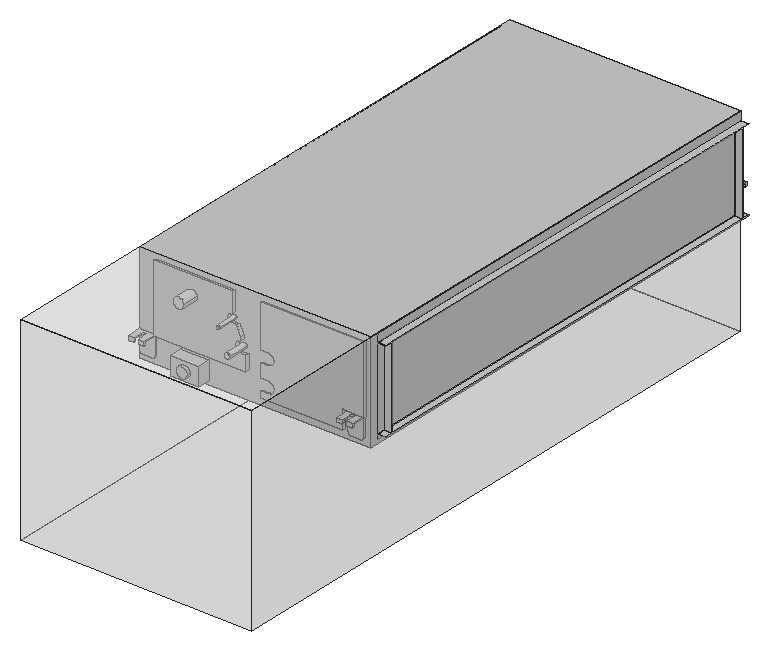
Revit family "outputfile", category 機械設備, Revit 2024
Family settings
  丸型コネクタ寸法 = 半径を使用
  パーツ タイプ = 標準
  OmniClass 番号 = 23.75.10.24.21.27.27
  OmniClass タイトル = Split System Air Conditioning Units
  作業面ベース = いいえ
  常に垂直 = はい
  ロード時にボイドで切り取り = いいえ
  注釈の向きを維持 = いいえ
  共有 = いいえ
  部屋計算ポイント = はい
Parameters (values of type "FXMQ125PBV1")
  製造元 = "Daikin"
  書き出し IFC クラス(タイプ) = "IfcUnitaryEquipmentType"
  定義済み IFC タイプ(タイプ) = "AIRCONDITIONINGUNIT"
  モデル = "FXMQ125PBV1"
  r_Liquid Pipe Size = Liquid Pipe Size / 2  # 4.75 mm
  r_Gas Pipe Size = Gas Pipe Size / 2  # 7.95 mm
  r_Drain Pipe Size = Drain Pipe Size / 2  # 16.0 mm
  lw_power = 396.0 mm  # constant formula
  lh_SA = 165.0 mm  # constant formula
  lw_SA = if(Depth = 550.0 mm, 210.0 mm, if(Depth = 700.0 mm, 285.0 mm, if(Depth = 1000.0 mm, 435.0 mm, 635.0 mm)))  # 635.0 mm
  lw_RA = if(Depth = 550.0 mm, 288.0 mm, if(Depth = 700.0 mm, 363.0 mm, if(Depth = 1000.0 mm, 513.0 mm, 713.0 mm)))  # 713.0 mm
  lh_power = 60.0 mm + [h***]  # 60.0 mm
  lh_mountinghole1 = lh_mountinghole + [h***]  # 80.0 mm
  lh_RA = 150.0 mm  # constant formula
  ld_power = Depth / 2  # 700.0 mm
  Voltage_comment_60Hz = "220-240"
  Voltage_comment_50Hz = "220-240"
  Voltage_60Hz = 220 V
  Voltage_50Hz = 220 V
  Supply Air Direction [instance] = yes
  Phase_60Hz = 1
  Phase_50Hz = 1
  Minimum External Static Pressure = 50.00 Pa
  Minimum Circuit Amps_60Hz = 3.4 A
  Minimum Circuit Amps_50Hz = 3.4 A
  Maximum Fuse Amps_60Hz = 16.0 A
  Maximum Fuse Amps_50Hz = 16.0 A
  Maximum External Static Pressure = 200.00 Pa
  Material_Casing = DAIKIN_GalvanizedSteel_Casing_indoorunit
  lw_mountinghole = 631.0 mm  # constant formula
  lh_gaspipe = 144.0 mm + [h***]  # 144.0 mm
  lh_mountinghole = 80.0 mm  # constant formula
  lh_liquidpipe = 212.0 mm + [h***]  # 212.0 mm
  lh_drainpipe = 232.0 mm + [h***]  # 232.0 mm
  lh_antena = Height - lh_mountinghole + 1.0 mm  # 221.0 mm
  ld_drainpipe = Depth / 2 + 59.0 mm  # 759.0 mm
  ld_liquidpipe = 765.0 mm
  ld_gaspipe = 765.0 mm
  ld_mountinghole = Depth + 38.0 mm  # 1438.0 mm
  h*** = 0.0 mm  # constant formula
  lw_liquidpipe = 290.0 mm  # constant formula
  lw_gaspipe = 318.0 mm  # constant formula
  lw_drainpipe = 167.0 mm  # constant formula
  Width = 700.0 mm
  Version = "ver.1.0"
  Unit Type = "Duct_M.S.P."
  Unit Mass Weight = 45.00 kg
  Unit Designation [instance] = ""
  Uniclass2015Version = "Products v1.30"
  Uniclass2015Title = "Variable refrigerant flow units"
  Uniclass2015Code = "Pr_70_65_03_94"
  Total Heating Capacity [instance] = 0.000 kW
  Total Cooling Capacity [instance] = 0.000 kW
  Sound Pressure Level_L speed (dBA) = 40
  Sound Pressure Level_H speed (dBA) = 42
  Series = "VRV Fan Coil Unit"
  Sensible Cooling Capacity [instance] = 0.000 kW
  SA Duct Size Width = if(Depth = 550.0 mm, 310.0 mm, if(Depth = 700.0 mm, 460.0 mm, if(Depth = 1000.0 mm, 760.0 mm, 1160.0 mm)))  # 1160.0 mm
  SA Duct Size Height = 215.0 mm
  Refrigerant Type = "R410A"
  RA Duct Size Width = if(Depth = 550.0 mm, 475.0 mm, if(Depth = 700.0 mm, 625.0 mm, if(Depth = 1000.0 mm, 925.0 mm, 1325.0 mm)))  # 1325.0 mm
  RA Duct Size Height = 247.0 mm
  Power Input (Heating) = 0.272 kW
  Power Input (Cooling) = 0.284 kW
  Option Accessory 3 [instance] = ""
  Option Accessory 2 [instance] = ""
  Option Accessory 1 [instance] = ""
  Nominal Heating Capacity = 16.000 kW
  Nominal Cooling Capacity = 14.000 kW
  Minimum Airflow = 1680.00 m³/h
  Median Airflow = 0.00 m³/h
  Maximum Airflow = 1980.00 m³/h
  Load Classification = HVAC
  Liquid Pipe Size = 9.5 mm
  Link_Nested Family [instance] = ""
  IfcVersion = ""
  IfcExportType = "AIRCONDITIONINGUNIT"
  IfcExportAs = "IfcUnitaryEquipmentType"
  Height = 300.0 mm
  Heating Entering Wet Bulb Temperature [instance] = 0.00 °C
  Heating Entering Dry Bulb Temperature [instance] = 0.00 °C
  Heating Ambient Wet Bulb Temperature [instance] = 0.00 °C
  Heating Ambient Dry Bulb Temperature [instance] = 0.00 °C
  Heat Exchanger Type = "Cross Fin Coil"
  Gas Pipe Size = 15.9 mm
  Frequency_60Hz = 60 Hz
  Frequency_50Hz = 50 Hz
  Fan Type = "Sirocco Fan"
  Fan Drive = "Direct Drive"
  FCU Tag No. [instance] = ""
  Drain Pipe Size = 32.0 mm
  Design Supply Airflow [instance] = 0.00 m³/h
  Design Return Airflow [instance] = 0.00 m³/h
  Design External Static Pressure [instance] = 0.00 Pa
  Depth = 1400.0 mm
  既定の高さ = 0.0 mm
  Cooling Entering Wet Bulb Temperature [instance] = 0.00 °C
  Cooling Entering Dry Bulb Temperature [instance] = 0.00 °C
  Cooling Ambient Wet Bulb Temperature [instance] = 0.00 °C
  Cooling Ambient Dry Bulb Temperature [instance] = 0.00 °C
  Clearance visibility [instance] = yes
  Clearance Top = 0.0 mm
  Clearance Right = 0.0 mm
  Clearance Rear = 0.0 mm
  Clearance Left = 0.0 mm
  Clearance Front = 450.0 mm
  Clearance Bottom = 300.0 mm
Reference planes
  plane 1 "Center (Front/Back)": y = 0
  plane 2 "h": z = 0
  plane 3 "Center (Left/Right)": x = 0
  plane 4 "Back": y = 700
  plane 5 "Front": y = -700
  plane 6 "Left": x = -350
  plane 7 "Reight": x = 350
  plane 8 "Top": z = 0
  plane 9 "Bottom": z = -300
  plane 10: y = -215
  plane 11: y = 700
  plane 12: y = -1150
  plane 13: x = -350
  plane 14: x = 350
  plane 15: z = 0
  plane 16: z = -600
  plane 17: x = -350
  plane 18: z = -135
  plane 19: x = -349
  plane 20: x = 349
  plane 21: y = 65
  plane 22: y = 13
  plane 23: z = -150
  plane 24: y = -710.8
  plane 25: z = -14
  plane 26: z = -219
  plane 27: x = -60
  plane 28: x = -20
  plane 29: z = -156
  plane 30: x = -32
  plane 31: z = -88
  plane 32: x = 23
  plane 33: x = 335
  plane 34: z = -15.8
  plane 35: z = -274.8
  plane 36: z = -219.8
  plane 37: x = 271
  plane 38: x = -223.3
  plane 39: x = -138.3
  plane 40: z = -232.7
  plane 41: z = -288.5
  plane 42: y = -741
  plane 43: x = -181
  plane 44: z = -260
  plane 45: y = -749
  plane 46: z = -163.8
  plane 47: z = -239.8
  plane 48: x = 46
  plane 49: z = -88
  plane 50: x = -60
  plane 51: y = -765
  plane 52: z = -156
  plane 53: x = -32
  plane 54: y = -759
  plane 55: z = -68
  plane 56: x = -183
  plane 57: x = -183
  plane 58: x = -60
  plane 59: x = -32
  plane 60: x = 46
  plane 61: x = -323
  plane 62: x = 308
  plane 63: y = -719
  plane 64: y = 719
  plane 65: z = -220
  plane 66: y = -706
  plane 67: x = -298.5
  plane 68: x = -374
  plane 69: x = 374
Forms (mm)
  Extrusion 1, solid, material "DAIKIN_GalvanizedSteel_Casing_indoorunit" <- "Material_Casing"
    sketch origin (0, 0, 0) x (1, 0, 0) y (0, 1, 0)
      loop
        line (-349, 700) -> (-349, -700) -> (349, -700) -> (349, 700) -> (-349, 700)
    from -300 to 0
  Extrusion 2, solid, material "DAIKIN_GalvanizedSteel_Casing_indoorunit" <- "Material_Casing"
    sketch origin (0, 0, 0) x (1, 0, 0) y (0, 0, 1)
      loop
        line (-298.5, -219) -> (-20, -219) -> (-20, -173.5) -> (-32, -173.5)
        arc (-32, -173.5) -> (-49.471, -157.002) -> (-34, -138.615) r 17.5
        line (-34, -138.615) -> (-34, -127.5) -> (-47, -101) -> (-60, -101)
        arc (-60, -101) -> (-73, -88) -> (-60, -75) r 13
        line (-60, -75) -> (-60, -14) -> (-298.5, -14) -> (-298.5, -219)
    from 700 to 710.8
  Extrusion 3, solid, material "DAIKIN_GalvanizedSteel_Casing_indoorunit" <- "Material_Casing"
    sketch origin (0, 0, 0) x (1, 0, 0) y (0, 0, 1)
      loop
        line (23, -274.8) -> (271, -274.8) -> (271, -219.8) -> (335, -219.8) -> (335, -15.8) -> (23, -15.8) -> (23, -146.3) -> (46, -146.3)
        arc (46, -146.3) -> (63.5, -163.8) -> (46, -181.3) r 17.5
        line (46, -181.3) -> (23, -181.3) -> (23, -222.3) -> (46, -222.3)
        arc (46, -222.3) -> (63.5, -239.8) -> (46, -257.3) r 17.5
        line (46, -257.3) -> (23, -257.3) -> (23, -274.8)
    from 700 to 706
  Extrusion 4, solid, material "DAIKIN_GalvanizedSteel_Casing_indoorunit" <- "Material_Casing"
    sketch origin (0, 0, 0) x (1, 0, 0) y (0, 0, 1)
      loop
        line (-223.3, -232.7) -> (-223.3, -288.5) -> (-138.3, -288.5) -> (-138.3, -232.7) -> (-223.3, -232.7)
    from 700 to 741
  Extrusion 5, solid, material "DAIKIN_GalvanizedSteel_Casing_indoorunit" <- "Material_Casing"
    sketch origin (0, 0, 0) x (1, 0, 0) y (0, 0, 1)
      loop
        circle (-181, -260) r 16.5
    from 741 to 749
  Extrusion 6, solid
    sketch origin (0, 0, 0) x (1, 0, 0) y (0, 0, 1)
      loop
        circle (-60, -88) r 4.75
    from 700 to 765
  Extrusion 7, solid
    sketch origin (0, 0, 0) x (1, 0, 0) y (0, 0, 1)
      loop
        circle (-32, -156) r 7.95
    from 700 to 765
  Extrusion 8, solid
    sketch origin (0, 0, 0) x (1, 0, 0) y (0, 0, 1)
      loop
        circle (-183, -68) r 16
    from 710.8 to 759
Dimensions and locks
  "Height": plane 8 "Top" to plane 9 "Bottom"
  equal spacing: plane 4 "Back", plane 1 "Center (Front/Back)", plane 5 "Front"
  "Depth": plane 4 "Back" to plane 5 "Front"
  equal spacing: plane 6 "Left", plane 3 "Center (Left/Right)", plane 7 "Reight"
  "Width": plane 6 "Left" to plane 7 "Reight"
  "Clearance Left": plane 13 to plane 6 "Left"
  "Clearance Right": plane 7 "Reight" to plane 14
  "Clearance Rear": plane 11 to plane 4 "Back"
  "Clearance Front": plane 5 "Front" to plane 12
  "Clearance Top": plane 15 to plane 8 "Top"
  "Clearance Bottom": plane 9 "Bottom" to plane 16
  "lh_SA": plane 18 to plane 9 "Bottom"
  locked: plane 17 to plane 19 at 1
  "lw_SA": plane 4 "Back" to plane 21
  "lw_RA": plane 22 to plane 5 "Front"
  "lh_RA": plane 23 to plane 9 "Bottom"
  locked: plane 5 "Front" to plane 24 at 10.8
  plane 30 to plane 27 to plane 6 "Left" = 28.0 mm locked, 290.0 mm locked
  plane 33 to plane 32 to plane 6 "Left" = 312.0 mm locked, 373.0 mm locked
  locked: plane 33 to plane 37 at 64
  locked: plane 36 to plane 35 at 55
  plane 39 to plane 38 to plane 6 "Left" = 85.0 mm locked, 126.7 mm locked
  locked: plane 5 "Front" to plane 42 at 41
  locked: plane 43 to plane 6 "Left" at 169
  locked: plane 42 to plane 45 at 8
  plane 46 to plane 47 to plane 35 = 76.0 mm locked, 35.0 mm locked
  locked: plane 48 to plane 32 at 23
  "lw_liquidpipe": plane 50 to plane 6 "Left"
  "lh_liquidpipe": plane 49 to plane 9 "Bottom"
  "lh_gaspipe": plane 52 to plane 9 "Bottom"
  "lw_gaspipe": plane 53 to plane 6 "Left"
  "ld_gaspipe": plane 51 to plane 1 "Center (Front/Back)"
  "ld_drainpipe": plane 54 to plane 1 "Center (Front/Back)"
  "lh_drainpipe": plane 55 to plane 9 "Bottom"
  "lw_drainpipe": plane 56 to plane 6 "Left"
  "lw_drainpipe": plane 6 "Left" to plane 57
  "lw_liquidpipe": plane 6 "Left" to plane 58
  "lw_gaspipe": plane 6 "Left" to plane 59
  "lw_power": plane 6 "Left" to plane 60
  plane 17 to plane 61 = 27.0 mm
  "lw_mountinghole": plane 61 to plane 62
  equal spacing: plane 63, plane 1 "Center (Front/Back)", plane 64
  "ld_mountinghole": plane 64 to plane 63
  "lh_mountinghole": plane 65 to plane 9 "Bottom"
  plane 8 "Top" to plane 40 to plane 41 = 232.7 mm locked, 55.8 mm locked
  locked: plane 8 "Top" to plane 44 at 260
  plane 8 "Top" to plane 25 to plane 26 = 14.0 mm locked, 205.0 mm locked
  plane 8 "Top" to plane 31 to plane 29 = 88.0 mm locked, 68.0 mm locked
  plane 8 "Top" to plane 34 to plane 35 = 15.8 mm locked, 259.0 mm locked
  locked: plane 5 "Front" to plane 66 at 6
  locked: plane 68 to plane 6 "Left" at 24
  locked: plane 7 "Reight" to plane 69 at 24
  locked: plane 67 to plane 13 at 51.5
  locked: plane 28 to plane 30 at 12
  locked: Extrusion 2 sketch curve to plane 27 at 26
  plane 5 "Front" to plane 51 = 65.0 mm
  plane 5 "Front" to plane 54 = 59.0 mm
  locked: plane 20 to plane 7 "Reight" at 1
  "r_Liquid Pipe Size": radius of Extrusion 6 sketch curve
  "r_Gas Pipe Size": radius of Extrusion 7 sketch curve
  "r_Drain Pipe Size": radius of Extrusion 8 sketch curve
  aligned and locked: level to plane 2 "h"
  aligned and locked: plane 8 "Top" to Extrusion 1
  aligned and locked: Extrusion 1 to plane 9 "Bottom"
  aligned and locked: nested 5 to plane 12
  aligned and locked: plane 13 to nested 5
  aligned and locked: plane 14 to nested 5
  aligned and locked: nested 5 to plane 13
  aligned and locked: plane 11 to nested 5
  aligned and locked: plane 15 to nested 5
  aligned and locked: plane 16 to nested 5
  aligned and locked: plane 5 "Front" to Extrusion 1 sketch curve
  aligned and locked: Extrusion 1 to plane 19
  aligned and locked: plane 20 to Extrusion 1
  aligned and locked: nested 7 to plane 19
  aligned and locked: nested 7 to plane 21
  aligned and locked: plane 18 to nested 7
  aligned and locked: plane 20 to nested 8
  aligned and locked: plane 22 to nested 8
  aligned and locked: plane 23 to nested 8
  aligned and locked: Extrusion 2 to plane 24
  aligned and locked: plane 5 "Front" to Extrusion 2
  aligned and locked: plane 35 to Extrusion 3 sketch curve
  aligned and locked: plane 37 to Extrusion 3 sketch curve
  aligned and locked: plane 36 to Extrusion 3 sketch curve
  aligned and locked: Extrusion 3 sketch curve to plane 33
  aligned and locked: Extrusion 3 sketch curve to plane 34
  aligned and locked: Extrusion 3 sketch curve to plane 32
  aligned and locked: plane 5 "Front" to Extrusion 3
  aligned and locked: Extrusion 4 sketch curve to plane 40
  aligned and locked: Extrusion 4 sketch curve to plane 38
  aligned and locked: plane 41 to Extrusion 4 sketch curve
  aligned and locked: plane 39 to Extrusion 4 sketch curve
  aligned and locked: Extrusion 4 to plane 42
  aligned and locked: plane 5 "Front" to Extrusion 4
  aligned and locked: Extrusion 5 sketch curve to plane 43
  aligned and locked: plane 44 to Extrusion 5 sketch curve
  aligned and locked: Extrusion 5 to plane 45
  aligned and locked: plane 42 to Extrusion 5
  aligned and locked: Extrusion 6 sketch curve to plane 50
  aligned and locked: plane 49 to Extrusion 6 sketch curve
  aligned and locked: Extrusion 6 to plane 51
  aligned and locked: plane 5 "Front" to Extrusion 6
  aligned and locked: Extrusion 7 sketch curve to plane 53
  aligned and locked: plane 52 to Extrusion 7 sketch curve
  aligned and locked: Extrusion 7 to Extrusion 6
  aligned and locked: plane 5 "Front" to Extrusion 7
  aligned and locked: Extrusion 8 sketch curve to plane 56
  aligned and locked: Extrusion 8 sketch curve to plane 55
  aligned and locked: Extrusion 8 to plane 54
  aligned and locked: plane 24 to Extrusion 8
  aligned and locked: nested 3 to plane 54
  aligned and locked: nested 3 to plane 57
  aligned and locked: nested 2 to plane 58
  aligned and locked: nested 2 to plane 51
  aligned and locked: nested 1 to plane 59
  aligned and locked: Extrusion 7 to plane 51
  aligned and locked: nested 1 to plane 51
  aligned and locked: nested 6 to plane 5 "Front"
  aligned and locked: nested 6 to plane 60
  aligned and locked: plane 61 to nested 10
  aligned and locked: nested 10 to plane 5 "Front"
  aligned and locked: plane 62 to nested 9
  aligned and locked: nested 9 to plane 5 "Front"
  aligned and locked: nested 11 to plane 61
  aligned and locked: plane 4 "Back" to nested 11
  aligned and locked: nested 12 to plane 62
  aligned and locked: plane 4 "Back" to nested 12
  aligned and locked: plane 65 to nested 10
  aligned and locked: plane 65 to nested 11
  aligned and locked: plane 65 to nested 9
  aligned and locked: plane 65 to nested 12
  aligned and locked: plane 61 to nested 14
  aligned and locked: nested 14 to plane 64
  aligned and locked: plane 62 to nested 13
  aligned and locked: nested 13 to plane 64
  aligned and locked: plane 62 to nested 16
  aligned and locked: plane 63 to nested 16
  aligned and locked: plane 63 to nested 15
  aligned and locked: plane 61 to nested 15
  aligned and locked: Extrusion 3 to plane 66
  aligned and locked: plane 67 to Extrusion 2 sketch curve
  aligned and locked: nested 17 to plane 21
  aligned and locked: nested 17 to plane 68
  aligned and locked: plane 18 to nested 17
  aligned and locked: plane 22 to nested 18
  aligned and locked: plane 69 to nested 18
  aligned and locked: nested 18 to plane 23
  aligned and locked: nested 4 to plane 3 "Center (Left/Right)"
  aligned and locked: plane 1 "Center (Front/Back)" to nested 4
  aligned and locked: level to plane 8 "Top"
  aligned and locked: Extrusion 2 sketch curve to plane 28
  aligned and locked: Extrusion 2 sketch curve to plane 26
Automatic sketch dimensions
  plane 6 "Left" to Extrusion 1 sketch curve = 1.0 mm
  Extrusion 1 sketch curve to plane 7 "Reight" = 1.0 mm
  Extrusion 1 sketch curve to plane 4 "Back" = 0.0 mm
  Extrusion 3 sketch curve to plane 32 = 0.0 mm  (x2)
  Extrusion 3 sketch curve to plane 46 = 0.0 mm
  Extrusion 3 sketch curve to plane 48 = 0.0 mm  (x2)
  Extrusion 3 sketch curve to plane 47 = 0.0 mm
  Extrusion 3 sketch curve to plane 36 = 2.5 mm
  plane 23 to Extrusion 3 sketch curve = 3.7 mm
  Extrusion 2 sketch curve to plane 25 = 0.0 mm
  plane 27 to Extrusion 2 sketch curve = 0.0 mm
  Extrusion 2 sketch curve to plane 30 = 0.0 mm
  Extrusion 2 sketch curve to plane 29 = 0.0 mm
  Extrusion 2 sketch curve to plane 31 = 0.0 mm
  Extrusion 2 sketch curve to Extrusion 2 sketch curve = 13.0 mm
  Extrusion 2 sketch curve to plane 29 = 17.5 mm
  Extrusion 2 sketch curve to plane 31 = 13.0 mm
  plane 18 to Extrusion 2 sketch curve = 7.5 mm
  radius of Extrusion 5 sketch curve = 16.5 mm
Nested families
  nested 1: "daikin_connector_rotate2" at (-32, 0, -156), length <- "ld_gaspipe", built-in parameter 1001364 <- "lh_gaspipe", radius <- "r_Gas Pipe Size", type "daikin_connector_rotate2"
    with radius 7.95 mm, length 765.0 mm, angle_vertical 90.00°
  nested 2: "daikin_connector_rotate2" at (-60, 0, -88), length <- "ld_liquidpipe", built-in parameter 1001364 <- "lh_liquidpipe", radius <- "r_Liquid Pipe Size", type "daikin_connector_rotate2"
    with radius 4.75 mm, length 765.0 mm, angle_vertical 90.00°
  nested 3: "daikin_connector_rotate2" at (-183, 0, -68), length <- "ld_drainpipe", built-in parameter 1001364 <- "lh_drainpipe", radius <- "r_Drain Pipe Size", type "daikin_connector_rotate2"
    with radius 16.0 mm, length 759.0 mm, angle_vertical 90.00°
  nested 4: "daikin_△_symbolicline" at (0, 0, 300) x (0, -1, 0) z (0, 0, 1), built-in parameter 1001364 <- "Height", visible <- "Supply Air Direction", type "daikin_△_symbolicline"
    with length 200.0 mm
  nested 5: "daikin_clearancespace" at (0, -225, -299.881), visible <- "Clearance visibility", show <- "Clearance visibility", Link_Nested Family <- "Link_Nested Family", type "daikin_clearancespace"
    with width 700.0 mm, show yes, height 600.0 mm, depth 1850.0 mm, Link_Nested Family ""
  nested 6: "daikin_connector_rotate2" at (46, 0, -240), built-in parameter 1001364 <- "lh_power", length <- "ld_power", type "daikin_connector_rotate2"
    with radius 10.0 mm, length 700.0 mm, angle_vertical 90.00°
  nested 7: "daikin_ductflange_FXMQ-PBV1_2" at (-349, 65, -135) x (0, -1, 0) z (0, 0, 1), type "daikin_ductflange_FXMQ-PBV1_2"
    with width 1160.0 mm, w 1400.0 mm
  nested 8: "daikin_ductflange_FXMQ-PBV1_1" at (349, 13, -150) x (0, 1, 0) z (0, 0, 1), type "daikin_ductflange_FXMQ-PBV1_1"
    with width 1325.0 mm, w 1400.0 mm
  nested 9: "daikin_hangerfixture_FXMQ-PBV1" at (308, -700, -220), type "daikin_hangerfixture_FXMQ-PBV1"
  nested 10: "daikin_hangerfixture_FXMQ-PBV1" at (-323, -700, -220), type "daikin_hangerfixture_FXMQ-PBV1"
  nested 11: "daikin_hangerfixture_FXMQ-PBV1" at (-323, 700, -220) x (-1, 0, 0) z (0, 0, 1), type "daikin_hangerfixture_FXMQ-PBV1"
  nested 12: "daikin_hangerfixture_FXMQ-PBV1" at (308, 700, -220) x (-1, 0, 0) z (0, 0, 1), type "daikin_hangerfixture_FXMQ-PBV1"
  nested 13: "daikin_mountinghole" at (308, 719, -300), h_mountinghole <- "lh_mountinghole1", l_antenna <- "lh_antena", Link_Nested Family <- "Link_Nested Family", type "daikin_mountinghole"
    with show yes, l_antenna 221.0 mm, h_mountinghole 80.0 mm, Link_Nested Family ""
  nested 14: "daikin_mountinghole" at (-323, 719, -300), h_mountinghole <- "lh_mountinghole1", l_antenna <- "lh_antena", Link_Nested Family <- "Link_Nested Family", type "daikin_mountinghole"
    with show yes, l_antenna 221.0 mm, h_mountinghole 80.0 mm, Link_Nested Family ""
  nested 15: "daikin_mountinghole" at (-323, -719, -300), h_mountinghole <- "lh_mountinghole1", l_antenna <- "lh_antena", Link_Nested Family <- "Link_Nested Family", type "daikin_mountinghole"
    with show yes, l_antenna 221.0 mm, h_mountinghole 80.0 mm, Link_Nested Family ""
  nested 16: "daikin_mountinghole" at (308, -719, -300), h_mountinghole <- "lh_mountinghole1", l_antenna <- "lh_antena", Link_Nested Family <- "Link_Nested Family", type "daikin_mountinghole"
    with show yes, l_antenna 221.0 mm, h_mountinghole 80.0 mm, Link_Nested Family ""
  nested 17: "daikin_connector_rotate2" at (-350, 65, -135) x (0, -1, 0) z (0, 0, 1), type "daikin_connector_rotate2"
    with radius 10.0 mm, length 24.0 mm, angle_vertical 90.00°
  nested 18: "daikin_connector_rotate2" at (350, 13, -150) x (0, 1, 0) z (0, 0, 1), type "daikin_connector_rotate2"
    with radius 10.0 mm, length 24.0 mm, angle_vertical 90.00°
Connectors
  piping at (-183, -759, -68), diameter 32, driven by "r_Drain Pipe Size"
    settings: on nested 3, index 3, connector inside diameter 609.6 mm, connector length 0.0 mm, flow factor 0, pipe flow 0.00 m³/h, pressure drop 0.0 Pa, fitting loss kfactor 0, connector angle 0.00°, fixture units 0, engagement length 0.0 mm, angle of deflection 0.00°, flow configuration 1, flow direction 2, fitting loss method 4, system type 16, joint type 0, gender type 0, connector reference index -1, connector utility 0, adjustable connector no, is connector primary yes, connector description "Condensate Drain Piping"
  piping at (-32, -765, -156), diameter 15.9, driven by "r_Gas Pipe Size"
    settings: on nested 1, index 4, connector inside diameter 609.6 mm, connector length 0.0 mm, flow factor 0, pipe flow 0.00 m³/h, pressure drop 0.0 Pa, fitting loss kfactor 0, connector angle 0.00°, fixture units 0, engagement length 0.0 mm, angle of deflection 0.00°, flow configuration 1, flow direction 2, fitting loss method 0, system type 29, joint type 0, gender type 0, connector reference index -1, connector utility 0, adjustable connector no, is connector primary no, connector description "Refrigerant Gas Piping"
  piping at (-60, -765, -88), diameter 9.5, driven by "r_Liquid Pipe Size"
    settings: on nested 2, index 5, connector inside diameter 609.6 mm, connector length 0.0 mm, flow factor 0, pipe flow 0.00 m³/h, pressure drop 0.0 Pa, fitting loss kfactor 0, connector angle 0.00°, fixture units 0, engagement length 0.0 mm, angle of deflection 0.00°, flow configuration 1, flow direction 1, fitting loss method 0, system type 29, joint type 0, gender type 0, connector reference index -1, connector utility 0, adjustable connector no, is connector primary no, connector description "Refrigerant Liquid Piping"
  electrical at (46, -700, -240), driven by "Load Classification"
    settings: on nested 6, index 6, voltage 0 V, apparent load 0 VA, apparent load phase1 0 VA, apparent load phase2 0 VA, apparent load phase3 0 VA, power factor 1, load classification "HVAC", number of poles 1, system type 30, power factor state 1, is connector primary yes, connector utility no, sub classification motor no, connector description "Power Supply"
  hvac at (-374, 65, -135), driven by "SA Duct Size Height", driven by "SA Duct Size Width"
    settings: on nested 17, index 7, duct flow 0.00 m³/h, flow factor 0, pres drop 0.00 Pa, loss coef 0, conn angle 0.00°, conn width 1160.0 mm, conn height 215.0 mm, conn diameter 609.6 mm, duct sys type 1, conn prof type 1, flow config 0, flow direction 2, loss method 4, conn ref index -1, conn util no, is conn primary yes, conn desc "SA Duct"
  hvac at (374, 13, -150), driven by "RA Duct Size Height", driven by "RA Duct Size Width"
    settings: on nested 18, index 8, duct flow 0.00 m³/h, flow factor 0, pres drop 0.00 Pa, loss coef 0, conn angle 0.00°, conn width 1325.0 mm, conn height 247.0 mm, conn diameter 609.6 mm, duct sys type 2, conn prof type 1, flow config 0, flow direction 1, loss method 4, conn ref index -1, conn util no, is conn primary no, conn desc "RA Duct"
Definition of nested family "daikin_clearancespace"
  Parameters (values of type "daikin_clearancespace")
    Description = "daikin_clearancespace"
    width [instance] = 1823.963 mm
    show [instance] = yes
    material = none
    height [instance] = 1359.762 mm
    depth [instance] = 880.0 mm
    Default Elevation = 0.0 mm
    Link_Nested Family [instance] = ""
  Reference planes
    plane 1 "Center (Front/Back)": y = 0
    plane 2 "Center (Elevation)": z = -0.119
    plane 3 "Center (Left/Right)": x = 0
    plane 4: y = 440
    plane 5: y = -440
    plane 6 "Right": x = 911.982
    plane 7 "Left": x = -911.982
    plane 8 "Top": z = 679.762
    plane 9 "Bottom": z = -680
  Forms (mm)
    Extrusion 1, solid, material <- "material", visible <- "show"
      sketch origin (0, 0, 0) x (1, 0, 0) y (0, 1, 0)
        loop
          line (-911.982, 440) -> (-911.982, -440) -> (911.982, -440) -> (911.982, 440) -> (-911.982, 440)
      from -680 to 679.762
  Lines and regions (mm)
    symbolic lines, visible <- "show"
      curve 1: line (911.982, 440, 0) -> (-911.982, 440, 0)
      curve 2: line (-911.982, 440, 0) -> (-911.982, -440, 0)
      curve 3: line (-911.982, -440, 0) -> (911.982, -440, 0)
      curve 4: line (911.982, -440, 0) -> (911.982, 440, 0)
      curve 5: line (911.982, 0, 679.762) -> (-911.982, 0, 679.762)
      curve 6: line (911.982, 0, -680) -> (911.982, 0, 679.762)
      curve 7: line (-911.982, 0, -680) -> (911.982, 0, -680)
      curve 8: line (-911.982, 0, 679.762) -> (-911.982, 0, -680)
      curve 9: line (0, 440, 679.762) -> (0, -440, 679.762)
      curve 10: line (0, -440, 679.762) -> (0, -440, -680)
      curve 11: line (0, 440, -680) -> (0, 440, 679.762)
      curve 12: line (0, -440, -680) -> (0, 440, -680)
  Dimensions and locks
    "width": plane 7 "Left" to plane 6 "Right"
    "depth": plane 4 to plane 5
    "height": plane 8 "Top" to plane 9 "Bottom"
    equal spacing: plane 7 "Left", plane 3 "Center (Left/Right)", plane 6 "Right"
    equal spacing: plane 4, plane 1 "Center (Front/Back)", plane 5
    equal spacing: plane 8 "Top", plane 2 "Center (Elevation)", plane 9 "Bottom"
    aligned and locked: level to plane 2 "Center (Elevation)"
    aligned and locked: Extrusion 1 sketch curve to plane 4
    aligned and locked: plane 7 "Left" to Extrusion 1 sketch curve
    aligned and locked: Extrusion 1 sketch curve to plane 5
    aligned and locked: Extrusion 1 sketch curve to plane 6 "Right"
    aligned and locked: plane 8 "Top" to Extrusion 1
    aligned and locked: curve 1 to Extrusion 1
    aligned and locked: curve 2 to Extrusion 1
    aligned and locked: curve 3 to Extrusion 1
    aligned and locked: curve 4 to Extrusion 1
    aligned and locked: curve 5 to Extrusion 1
    aligned and locked: curve 6 to Extrusion 1
    aligned and locked: curve 7 to Extrusion 1
    aligned and locked: curve 8 to Extrusion 1
    aligned and locked: curve 9 to Extrusion 1
    aligned and locked: curve 10 to Extrusion 1
    aligned and locked: curve 11 to Extrusion 1
    aligned and locked: curve 12 to Extrusion 1
    aligned and locked: Extrusion 1 to plane 9 "Bottom"
Definition of nested family "daikin_ductflange_FXMQ-PBV1_2"
  Parameters (values of type "daikin_ductflange_FXDSQ-AVM2")
    width = if(w = 550.0 mm, 310.0 mm, if(w = 700.0 mm, 460.0 mm, if(w = 1000.0 mm, 760.0 mm, 1160.0 mm)))  # 310.0 mm
    material = none
    height = 215.0 mm
    depth = 1.0 mm
    w = 550.0 mm
    Default Elevation = 0.0 mm
  Reference planes
    plane 1 "Center (Front/Back)": y = 0
    plane 2: z = 0
    plane 3 "Center (Left/Right)": x = 0
    plane 4: z = 107.5
    plane 5: z = -107.5
    plane 6: y = -25
    plane 7: z = 132.5
    plane 8: z = 108.5
    plane 9: y = -1
    plane 10: x = -177.5
    plane 11: x = 177.5
    plane 12: z = -132.5
    plane 13: z = -108.5
    plane 14: y = -1
    plane 15: x = 155
    plane 16: x = -155
    plane 17: x = 156
    plane 18: z = 106.5
    plane 19: z = -106.5
    plane 20: x = -156
    plane 21: z = 106.5
    plane 22: z = -106.5
    plane 23: y = -1
  Forms (mm)
    Extrusion 1, solid, material <- "material"
      sketch origin (0, 0, 0) x (0, 1, 0) y (0, 0, 1)
        loop
          line (-25, 107.5) -> (0, 107.5) -> (0, 132.5) -> (-1, 132.5) -> (-1, 108.5) -> (-25, 108.5) -> (-25, 107.5)
      from -177.5 to 177.5
    Extrusion 2, solid, material <- "material"
      sketch origin (0, 0, 0) x (0, 1, 0) y (0, 0, 1)
        loop
          line (-25, -107.5) -> (-25, -108.5) -> (-1, -108.5) -> (-1, -132.5) -> (0, -132.5) -> (0, -107.5) -> (-25, -107.5)
      from -177.5 to 177.5
    Extrusion 3, solid, material <- "material"
      sketch origin (0, 0, 0) x (1, 0, 0) y (0, 0, 1)
        loop
          line (155, 107.5) -> (155, -107.5) -> (177.5, -107.5) -> (177.5, -106.5) -> (156, -106.5) -> (156, 106.5) -> (177.5, 106.5) -> (177.5, 107.5) -> (155, 107.5)
      from 0 to 25
    Extrusion 4, solid, material <- "material"
      sketch origin (0, 0, 0) x (1, 0, 0) y (0, 0, 1)
        loop
          line (-177.5, 107.5) -> (-177.5, 106.5) -> (-156, 106.5) -> (-156, -106.5) -> (-177.5, -106.5) -> (-177.5, -107.5) -> (-155, -107.5) -> (-155, 107.5) -> (-177.5, 107.5)
      from 0 to 25
    Extrusion 5, solid, material <- "material"
      sketch origin (0, 0, 0) x (1, 0, 0) y (0, 0, 1)
        loop
          line (-177.5, 107.5) -> (-177.5, -107.5) -> (-155, -107.5) -> (-155, 107.5) -> (-177.5, 107.5)
        loop
          line (177.5, 107.5) -> (155, 107.5) -> (155, -107.5) -> (177.5, -107.5) -> (177.5, 107.5)
      from 0 to 1
  Cuts and joins
    joined: Extrusion 1, Extrusion 2, Extrusion 3, Extrusion 4, Extrusion 5
  Dimensions and locks
    plane 4 to level to plane 5 = 107.5 mm locked, 107.5 mm locked
    locked: plane 6 to plane 1 "Center (Front/Back)" at 25
    locked: plane 9 to plane 1 "Center (Front/Back)" at 1
    locked: plane 8 to plane 4 at 1
    locked: plane 11 to plane 15 at 22.5
    locked: plane 16 to plane 10 at 22.5
    locked: plane 17 to plane 15 at 1
    locked: plane 4 to plane 18 at 1
    locked: plane 19 to plane 5 at 1
    "width": plane 15 to plane 16
    plane 4 to plane 5 = 215.0 mm
    equal spacing: plane 15, plane 3 "Center (Left/Right)", plane 16
    locked: plane 16 to plane 20 at 1
    locked: plane 4 to plane 21 at 1
    locked: plane 22 to plane 5 at 1
    locked: plane 23 to plane 1 "Center (Front/Back)" at 1
    aligned and locked: level to plane 2
    aligned and locked: Extrusion 1 to plane 10
    aligned and locked: plane 11 to Extrusion 1
    aligned and locked: plane 5 to Extrusion 2
    aligned and locked: Extrusion 2 to plane 1 "Center (Front/Back)"
    aligned and locked: plane 15 to Extrusion 3 sketch curve
    aligned and locked: Extrusion 3 sketch curve to Extrusion 2  (x2)
    aligned and locked: Extrusion 3 sketch curve to plane 11
    aligned and locked: plane 6 to Extrusion 3
    aligned and locked: Extrusion 2 to plane 10
    aligned and locked: plane 11 to Extrusion 2
    aligned and locked: Extrusion 4 sketch curve to Extrusion 1  (x2)
    aligned and locked: plane 5 to Extrusion 4 sketch curve
    aligned and locked: Extrusion 4 sketch curve to plane 16
    aligned and locked: Extrusion 4 sketch curve to plane 22
    aligned and locked: plane 20 to Extrusion 4 sketch curve
    aligned and locked: plane 21 to Extrusion 4 sketch curve
    aligned and locked: Extrusion 4 to plane 1 "Center (Front/Back)"
    aligned and locked: plane 6 to Extrusion 4
    aligned and locked: Extrusion 5 sketch curve to Extrusion 1  (x4)
    aligned and locked: Extrusion 5 sketch curve to Extrusion 4  (x2)
    aligned and locked: Extrusion 5 sketch curve to Extrusion 3  (x2)
    aligned and locked: Extrusion 5 to plane 1 "Center (Front/Back)"
    aligned and locked: plane 23 to Extrusion 5
  Automatic sketch dimensions
    Extrusion 1 sketch curve to plane 6 = 0.0 mm
    Extrusion 1 sketch curve to plane 7 = 0.0 mm
    Extrusion 1 sketch curve to plane 9 = 0.0 mm
    Extrusion 1 sketch curve to plane 1 "Center (Front/Back)" = 0.0 mm
    Extrusion 1 sketch curve to plane 4 = 0.0 mm
    Extrusion 1 sketch curve to plane 8 = 0.0 mm
    Extrusion 2 sketch curve to plane 6 = 0.0 mm
    plane 12 to Extrusion 2 sketch curve = 0.0 mm
    Extrusion 2 sketch curve to plane 14 = 0.0 mm
    Extrusion 2 sketch curve to plane 1 "Center (Front/Back)" = 0.0 mm
    plane 13 to Extrusion 2 sketch curve = 0.0 mm
    Extrusion 2 sketch curve to plane 5 = 0.0 mm
    Extrusion 3 sketch curve to plane 17 = 0.0 mm
    Extrusion 3 sketch curve to plane 19 = 0.0 mm
    Extrusion 3 sketch curve to plane 18 = 0.0 mm
    Extrusion 3 sketch curve to plane 4 = 0.0 mm
    Extrusion 4 sketch curve to plane 10 = 0.0 mm
Definition of nested family "daikin_ductflange_FXMQ-PBV1_1"
  Parameters (values of type "daikin_ductflange_FXDSQ-AVM")
    width = if(w = 550.0 mm, 475.0 mm, if(w = 700.0 mm, 625.0 mm, if(w = 1000.0 mm, 925.0 mm, 1325.0 mm)))  # 475.0 mm
    material = none
    height = 247.0 mm
    depth = 1.0 mm
    w = 550.0 mm
    Default Elevation = 0.0 mm
  Reference planes
    plane 1 "Center (Front/Back)": y = 0
    plane 2: z = 0
    plane 3 "Center (Left/Right)": x = 0
    plane 4: z = 123.5
    plane 5: z = -123.5
    plane 6: y = -25
    plane 7: z = 146.5
    plane 8: z = 124.5
    plane 9: y = -1
    plane 10: x = -260
    plane 11: x = 260
    plane 12: z = -137
    plane 13: z = -124.5
    plane 14: y = -1
    plane 15: x = 237.5
    plane 16: x = -237.5
    plane 17: x = 238.5
    plane 18: z = 122.5
    plane 19: z = -122.5
    plane 20: x = -238.5
    plane 21: z = 122.5
    plane 22: z = -122.5
    plane 23: y = -1
  Forms (mm)
    Extrusion 1, solid, material <- "material"
      sketch origin (0, 0, 0) x (0, 1, 0) y (0, 0, 1)
        loop
          line (-25, 123.5) -> (0, 123.5) -> (0, 146.5) -> (-1, 146.5) -> (-1, 124.5) -> (-25, 124.5) -> (-25, 123.5)
      from -260 to 260
    Extrusion 2, solid, material <- "material"
      sketch origin (0, 0, 0) x (0, 1, 0) y (0, 0, 1)
        loop
          line (-25, -123.5) -> (-25, -124.5) -> (-1, -124.5) -> (-1, -137) -> (0, -137) -> (0, -123.5) -> (-25, -123.5)
      from -260 to 260
    Extrusion 3, solid, material <- "material"
      sketch origin (0, 0, 0) x (1, 0, 0) y (0, 0, 1)
        loop
          line (237.5, 123.5) -> (237.5, -123.5) -> (260, -123.5) -> (260, -122.5) -> (238.5, -122.5) -> (238.5, 122.5) -> (260, 122.5) -> (260, 123.5) -> (237.5, 123.5)
      from 0 to 25
    Extrusion 4, solid, material <- "material"
      sketch origin (0, 0, 0) x (1, 0, 0) y (0, 0, 1)
        loop
          line (-260, 123.5) -> (-260, 122.5) -> (-238.5, 122.5) -> (-238.5, -122.5) -> (-260, -122.5) -> (-260, -123.5) -> (-237.5, -123.5) -> (-237.5, 123.5) -> (-260, 123.5)
      from 0 to 25
    Extrusion 5, solid, material <- "material"
      sketch origin (0, 0, 0) x (1, 0, 0) y (0, 0, 1)
        loop
          line (-260, 123.5) -> (-260, -123.5) -> (-237.5, -123.5) -> (-237.5, 123.5) -> (-260, 123.5)
        loop
          line (260, 123.5) -> (237.5, 123.5) -> (237.5, -123.5) -> (260, -123.5) -> (260, 123.5)
      from 0 to 1
  Cuts and joins
    joined: Extrusion 1, Extrusion 2, Extrusion 3, Extrusion 4, Extrusion 5
  Dimensions and locks
    plane 4 to level to plane 5 = 123.5 mm, 123.5 mm
    locked: plane 6 to plane 1 "Center (Front/Back)" at 25
    locked: plane 9 to plane 1 "Center (Front/Back)" at 1
    locked: plane 8 to plane 4 at 1
    locked: plane 11 to plane 15 at 22.5
    locked: plane 16 to plane 10 at 22.5
    locked: plane 17 to plane 15 at 1
    locked: plane 4 to plane 18 at 1
    locked: plane 19 to plane 5 at 1
    "width": plane 15 to plane 16
    equal spacing: plane 15, plane 3 "Center (Left/Right)", plane 16
    locked: plane 16 to plane 20 at 1
    locked: plane 4 to plane 21 at 1
    locked: plane 22 to plane 5 at 1
    locked: plane 23 to plane 1 "Center (Front/Back)" at 1
    equal spacing: plane 4, level, plane 5
    locked: plane 7 to plane 4 at 23
    locked: plane 5 to plane 12 at 13.5
    locked: plane 1 "Center (Front/Back)" to plane 14 at 1
    locked: plane 5 to plane 13 at 1
    locked: plane 4 to plane 5 at 247
    aligned and locked: level to plane 2
    aligned and locked: Extrusion 1 to plane 10
    aligned and locked: plane 11 to Extrusion 1
    aligned and locked: plane 5 to Extrusion 2
    aligned and locked: Extrusion 2 to plane 1 "Center (Front/Back)"
    aligned and locked: plane 15 to Extrusion 3 sketch curve
    aligned and locked: Extrusion 3 sketch curve to Extrusion 2  (x2)
    aligned and locked: Extrusion 3 sketch curve to plane 11
    aligned and locked: plane 6 to Extrusion 3
    aligned and locked: Extrusion 2 to plane 10
    aligned and locked: plane 11 to Extrusion 2
    aligned and locked: Extrusion 4 sketch curve to Extrusion 1  (x2)
    aligned and locked: plane 5 to Extrusion 4 sketch curve
    aligned and locked: Extrusion 4 sketch curve to plane 16
    aligned and locked: Extrusion 4 sketch curve to plane 22
    aligned and locked: plane 20 to Extrusion 4 sketch curve
    aligned and locked: plane 21 to Extrusion 4 sketch curve
    aligned and locked: Extrusion 4 to plane 1 "Center (Front/Back)"
    aligned and locked: plane 6 to Extrusion 4
    aligned and locked: Extrusion 5 sketch curve to Extrusion 1  (x4)
    aligned and locked: Extrusion 5 sketch curve to Extrusion 4  (x2)
    aligned and locked: Extrusion 5 sketch curve to Extrusion 3  (x2)
    aligned and locked: Extrusion 5 to plane 1 "Center (Front/Back)"
    aligned and locked: plane 23 to Extrusion 5
  Automatic sketch dimensions
    Extrusion 1 sketch curve to plane 6 = 0.0 mm
    Extrusion 1 sketch curve to plane 7 = 0.0 mm
    Extrusion 1 sketch curve to plane 9 = 0.0 mm
    Extrusion 1 sketch curve to plane 1 "Center (Front/Back)" = 0.0 mm
    Extrusion 1 sketch curve to plane 4 = 0.0 mm
    Extrusion 1 sketch curve to plane 8 = 0.0 mm
    Extrusion 2 sketch curve to plane 6 = 0.0 mm
    plane 12 to Extrusion 2 sketch curve = 0.0 mm
    Extrusion 2 sketch curve to plane 14 = 0.0 mm
    Extrusion 2 sketch curve to plane 1 "Center (Front/Back)" = 0.0 mm
    plane 13 to Extrusion 2 sketch curve = 0.0 mm
    Extrusion 2 sketch curve to plane 5 = 0.0 mm
    Extrusion 3 sketch curve to plane 17 = 0.0 mm
    Extrusion 3 sketch curve to plane 19 = 0.0 mm
    Extrusion 3 sketch curve to plane 18 = 0.0 mm
    Extrusion 3 sketch curve to plane 4 = 0.0 mm
    Extrusion 4 sketch curve to plane 10 = 0.0 mm
Definition of nested family "daikin_hangerfixture_FXMQ-PBV1"
  Parameters (values of type "daikin_hangerfixture_FXMQ-PAVE")
    width = 48.0 mm
    material = none
    height = 65.0 mm
    depth = 45.0 mm
    Default Elevation = 0.0 mm
  Reference planes
    plane 1 "Center (Front/Back)": y = 0
    plane 2: z = 0
    plane 3 "Center (Left/Right)": x = 0
    plane 4: y = 417.146
    plane 5: y = -45
    plane 6: x = -24
    plane 7: x = 24
    plane 8: z = -2.3
    plane 9: z = -65
    plane 10: y = -2.3
    plane 11: z = -12
    plane 12: y = -42.7
  Forms (mm)
    Extrusion 1, solid, material <- "material"
      sketch origin (0, 0, 0) x (1, 0, 0) y (0, 1, 0)
        loop
          line (24, 0) -> (-24, 0) -> (-24, -45) -> (-6, -45) -> (-6, -19)
          arc (-6, -19) -> (0, -13) -> (6, -19) r 6
          line (6, -19) -> (6, -45) -> (24, -45) -> (24, 0)
      from 0 to -2.3
    Extrusion 2, solid, material <- "material"
      sketch origin (0, 0, 0) x (1, 0, 0) y (0, 0, 1)
        loop
          line (24, -55) -> (24, 0) -> (-24, 0) -> (-24, -55)
          arc (-24, -55) -> (-21.071, -62.071) -> (-14, -65) r 10
          line (-14, -65) -> (14, -65)
          arc (14, -65) -> (21.071, -62.071) -> (24, -55) r 10
      from 0 to 2.3
    Extrusion 3, solid, material <- "material"
      sketch origin (0, 0, 0) x (1, 0, 0) y (0, 0, 1)
        loop
          line (-6, -9) -> (-6, 0) -> (-24, 0) -> (-24, -9)
          arc (-24, -9) -> (-23.121, -11.121) -> (-21, -12) r 3
          line (-21, -12) -> (-9, -12)
          arc (-9, -12) -> (-6.879, -11.121) -> (-6, -9) r 3
        loop
          line (6, 0) -> (6, -9)
          arc (6, -9) -> (6.879, -11.121) -> (9, -12) r 3
          line (9, -12) -> (21, -12)
          arc (21, -12) -> (23.121, -11.121) -> (24, -9) r 3
          line (24, -9) -> (24, 0) -> (6, 0)
      from 42.7 to 45
  Cuts and joins
    joined: Extrusion 1, Extrusion 2, Extrusion 3
  Dimensions and locks
    "width": plane 6 to plane 7
    "depth": plane 5 to plane 1 "Center (Front/Back)"
    plane 2 to plane 8 = 2.3 mm
    "height": plane 2 to plane 9
    locked: plane 10 to plane 1 "Center (Front/Back)" at 2.3
    locked: plane 2 to plane 11 at 12
    locked: plane 12 to plane 5 at 2.3
    aligned and locked: level to plane 2
    aligned and locked: Extrusion 1 sketch curve to plane 1 "Center (Front/Back)"
    aligned and locked: plane 7 to Extrusion 1
    aligned and locked: Extrusion 1 to plane 6
    aligned and locked: Extrusion 1 to plane 5  (x2)
    aligned and locked: Extrusion 1 to plane 8
    aligned and locked: plane 2 to Extrusion 1
    aligned and locked: plane 2 to Extrusion 2 sketch curve
    aligned and locked: Extrusion 2 to plane 9
    aligned and locked: Extrusion 2 to plane 10
    aligned and locked: Extrusion 2 to plane 1 "Center (Front/Back)"
    aligned and locked: plane 2 to Extrusion 3 sketch curve  (x2)
    aligned and locked: Extrusion 3 to plane 11  (x2)
    aligned and locked: plane 12 to Extrusion 3
    aligned and locked: Extrusion 3 to plane 5
  Automatic sketch dimensions
    Extrusion 1 sketch curve to plane 6 = 0.0 mm
    Extrusion 1 sketch curve to plane 5 = 0.0 mm  (x2)
    Extrusion 1 sketch curve to plane 3 "Center (Left/Right)" = 0.0 mm
    Extrusion 1 sketch curve to plane 7 = 0.0 mm
    Extrusion 1 sketch curve to plane 3 "Center (Left/Right)" = 6.0 mm
    plane 1 "Center (Front/Back)" to Extrusion 1 sketch curve = 19.0 mm
    Extrusion 2 sketch curve to plane 7 = 0.0 mm
    Extrusion 2 sketch curve to plane 7 = 10.0 mm
    Extrusion 2 sketch curve to plane 8 = 52.7 mm
    plane 6 to Extrusion 2 sketch curve = 10.0 mm
    Extrusion 2 sketch curve to plane 6 = 0.0 mm
    Extrusion 3 sketch curve to plane 6 = 0.0 mm
    Extrusion 3 sketch curve to plane 7 = 0.0 mm
    Extrusion 3 sketch curve to Extrusion 3 sketch curve = 3.0 mm  (x2)
    Extrusion 3 sketch curve to plane 8 = 6.7 mm
    Extrusion 3 sketch curve to plane 3 "Center (Left/Right)" = 9.0 mm
    Extrusion 3 sketch curve to plane 3 "Center (Left/Right)" = 6.0 mm
    plane 3 "Center (Left/Right)" to Extrusion 3 sketch curve = 6.0 mm
    Extrusion 3 sketch curve to plane 7 = 3.0 mm
    Extrusion 3 sketch curve to plane 8 = 9.7 mm
Definition of nested family "daikin_connector_rotate2"
  Parameters (values of type "daikin_connector_rotate2")
    Default Elevation = 1219.2 mm
    show_face = no
    radius [instance] = 10.0 mm
    length [instance] = 600.0 mm
    d_surface = 10.0 mm
    angle_vertical [instance] = 90.00°
  Reference planes
    plane 1 "Center (Front/Back)": y = 0
    plane 2: z = 0
    plane 3 "Center (Left/Right)": x = 0
  Forms (mm)
    Extrusion 1, solid, visible <- "show_face"
      sketch origin (0, -600, 0) x (1, 0, 0) y (0, 0, 1)
        loop
          circle (0, 0) r 10
      from 0 to -10
  Lines and regions (mm)
    reference lines
      curve 1: line (0, 0, 0) -> (0, -600, 0)
    symbolic lines
      curve 2: circle (0, 0, 0) r 5 normal (0, 0, 1)
    model lines, visible <- "show_face"
      curve 3: line (0, 0, 0) -> (0, -600, 0)
  Dimensions and locks
    "length": curve 1 to curve 1
    "length": curve 3 to curve 3
    "d_surface": Extrusion 1 to Extrusion 1
    "radius": radius of Extrusion 1 sketch curve
    "angle_vertical": angle curve 1 to plane 1 "Center (Front/Back)"
    "angle_vertical": angle curve 3 to plane 1 "Center (Front/Back)"
    aligned and locked: level to plane 2
    aligned and locked: plane 1 "Center (Front/Back)" to curve 1
    aligned and locked: plane 2 to curve 1
    aligned and locked: plane 1 "Center (Front/Back)" to curve 2
    aligned and locked: plane 3 "Center (Left/Right)" to curve 2
    aligned and locked: plane 1 "Center (Front/Back)" to curve 3
    aligned and locked: plane 2 to curve 3
    aligned and locked: Extrusion 1 to Extrusion 1
  Automatic sketch dimensions
    Extrusion 1 sketch curve to level = 0.0 mm
    Extrusion 1 sketch curve to plane 3 "Center (Left/Right)" = 0.0 mm
    radius of curve 2 = 5.0 mm
Definition of nested family "daikin_△_symbolicline"
  Parameters (values of type "daikin_△_symbolicline")
    length [instance] = 200.0 mm
    Default Elevation = 0.0 mm
  Reference planes
    plane 1 "Center (Front/Back)": y = 0
    plane 2: z = 0
    plane 3 "Center (Left/Right)": x = 0
  Lines and regions (mm)
    symbolic lines
      curve 1: line (0, -173.205, 0) -> (100, 0, 0)
      curve 2: line (100, 0, 0) -> (-100, 0, 0)
      curve 3: line (-100, 0, 0) -> (0, -173.205, 0)
  Dimensions and locks
    equal spacing: curve 3, plane 3 "Center (Left/Right)", curve 2
    "length": curve 3 to curve 2
    "length": curve 3 to curve 3
    "length": curve 1 to curve 1
    aligned and locked: level to plane 2
    aligned and locked: curve 2 to plane 1 "Center (Front/Back)"
    aligned and locked: plane 3 "Center (Left/Right)" to curve 3
Definition of nested family "daikin_mountinghole"
  Parameters (values of type "daikin_mountinghole")
    Default Elevation = 1219.2 mm
    Type Comments = "mountinghole"
    show [instance] = yes
    material = none
    l_centerline = 100.0 mm
    l_antenna [instance] = 100.0 mm
    h_mountinghole [instance] = 0.0 mm
    d_circle = 30.0 mm
    Link_Nested Family [instance] = ""
  Reference planes
    plane 1 "Center (Front/Back)": y = 0
    plane 2: z = 0
    plane 3 "Center (Left/Right)": x = 0
    plane 4: y = 50
    plane 5: x = -50
    plane 6: x = 50
    plane 7: y = -50
    plane 8 "h_mountinghole": z = 0
    plane 9: z = 100
  Lines and regions (mm)
    model lines, detail levels fine
      curve 1: circle (0, 0, 0) r 15 normal (0, 0, 1)
      curve 2: line (-50, 0, 0) -> (50, 0, 0)
      curve 3: line (0, 50, 0) -> (0, -50, 0)
    symbolic lines, detail levels fine
      curve 4: circle (0, 0, 0) r 15 normal (0, 0, 1)
      curve 5: line (-50, 0, 0) -> (50, 0, 0)
      curve 6: line (0, 50, 0) -> (0, -50, 0)
    model lines
      curve 7: line (0, 0, 100) -> (0, 0, 0)
  Dimensions and locks
    equal spacing: plane 4, plane 1 "Center (Front/Back)", plane 7
    "l_centerline": plane 4 to plane 7
    equal spacing: plane 5, plane 3 "Center (Left/Right)", plane 6
    "l_centerline": plane 5 to plane 6
    "l_antenna": plane 9 to plane 8 "h_mountinghole"
    "h_mountinghole": plane 8 "h_mountinghole" to plane 2
    "d_circle": diameter of curve 1
    "d_circle": diameter of curve 4
    aligned and locked: level to plane 2
    aligned and locked: plane 1 "Center (Front/Back)" to curve 1
    aligned and locked: plane 3 "Center (Left/Right)" to curve 1
    aligned and locked: plane 1 "Center (Front/Back)" to curve 2
    aligned and locked: curve 3 to plane 3 "Center (Left/Right)"
    aligned and locked: plane 6 to curve 2
    aligned and locked: plane 5 to curve 2
    aligned and locked: plane 4 to curve 3
    aligned and locked: plane 7 to curve 3
    aligned and locked: plane 1 "Center (Front/Back)" to curve 4
    aligned and locked: plane 3 "Center (Left/Right)" to curve 4
    aligned and locked: plane 6 to curve 5
    aligned and locked: plane 5 to curve 5
    aligned and locked: plane 1 "Center (Front/Back)" to curve 5
    aligned and locked: plane 4 to curve 6
    aligned and locked: plane 7 to curve 6
    aligned and locked: curve 6 to plane 3 "Center (Left/Right)"
    aligned and locked: curve 7 to plane 3 "Center (Left/Right)"
    aligned and locked: plane 9 to curve 7
    aligned and locked: plane 8 "h_mountinghole" to curve 7
